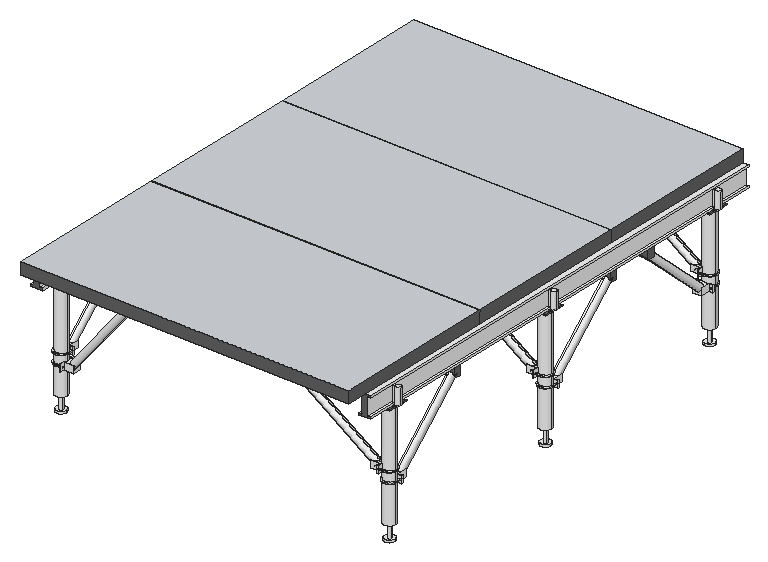
Revit family "Theatre-Equipment_Wenger-Strata--", category Specialty Equipment, Revit 2018
Family settings
  Round Connector Dimension = Use Radius
  Part Type = Normal
  OmniClass Number = 23.21.25.11.17.11
  Work Plane-Based = No
  Always vertical = Yes
  Cut with Voids When Loaded = No
  Shared = No
  Room Calculation Point = No
Parameters (values of type "Standard")
  【︎Cross Beam】 Right Back Curved Offset [instance] = 【︎Deck】 Back Arc Height - (【︎Stage】 Back Radius - sqrt(【︎Stage】 Back Radius ^ 2 - (Overall Width * (abs(Unit Number - (Total Units / 2)) - if(Left Instance Array, 1, 0))) ^ 2))  # 3' - 10.1867"
  【︎Cross Beam】 Right Back Concave Offset [instance] = 【︎Stage】 Back Radius - sqrt(【︎Stage】 Back Radius ^ 2 - (Overall Width * (abs(Unit Number - (Total Units / 2)) - if(Left Instance Array, 1, 0))) ^ 2)  # 1' - 8.14085"
  【︎Cross Beam】 Left Back Curved Offset [instance] = 【︎Deck】 Back Arc Height - (【︎Stage】 Back Radius - sqrt(【︎Stage】 Back Radius ^ 2 - (Overall Width * (abs(Unit Number - (Total Units / 2)) - if(Right Instance Array, 1, 0))) ^ 2))  # 2' - 2.57896"
  【︎Stage】 Back Radius [instance] = 120' - 0"
  【︎Cross Beam】 Right Back Offset [instance] = if(【︎Deck】 ⓿ No Back Curve, 0' 0", if(【︎Deck】 ❶ Concave Curved Back, 【︎Cross Beam】 Right Back Curved Offset, 【︎Cross Beam】 Right Back Concave Offset))  # 0' - 0"
  【︎Cross Beam】 Left Back Offset [instance] = if(【︎Deck】 ⓿ No Back Curve, 0' 0", if(【︎Deck】 ❶ Concave Curved Back, 【︎Cross Beam】 Left Back Curved Offset, 【︎Cross Beam】 Left Back Concave Offset))  # 0' - 0"
  【︎Deck】 ❷ Tapered Right [instance] = 【︎Deck】 ▼ Taper Options > 1  # no
  【︎Deck】 ❶ Tapered Left [instance] = 【︎Deck】 ▼ Taper Options = 1  # no
  【︎Deck】 ▼ Taper Options [instance] = 0
  【︎Deck】 ⓿ No Taper [instance] = 【︎Deck】 ▼ Taper Options < 1  # yes
  【︎Deck】 Taperd Center Front Panel [instance] = no
  【︎Deck】 Taperd Center Back Panel [instance] = no
  【︎Deck】 Taperd Back Panel [instance] = no
  【︎Deck】 Panel Taper Offset [instance] = 4' - 0"
  【︎Cross Beam】 Left Back Concave Offset [instance] = 【︎Stage】 Back Radius - sqrt(【︎Stage】 Back Radius ^ 2 - (Overall Width * (abs(Unit Number - (Total Units / 2)) - if(Right Instance Array, 1, 0))) ^ 2)  # 3' - 3.74859"
  【︎Cross Beam】 Back Angle [instance] = if(【︎Deck】 ⓿ No Back Curve, 90.00°, atan((【︎Cross Beam】 Left Back Offset - 【︎Cross Beam】 Right Back Offset) / (Overall Width - (【︎Main Beam】 Joint Offset * 2))) + 90.00°)  # 90.00°
  【︎Brace】 Back Angle [instance] = if(【︎Deck】 ⓿ No Back Curve, 90.00°, atan((【︎Cross Beam】 Left Back Offset - 【︎Cross Beam】 Right Back Offset) / Overall Width) + 90.00°)  # 90.00°
  █︎█︎█︎█︎█︎█︎█︎█︎█︎█︎█︎█︎█︎█︎█︎█︎█︎█︎█︎█︎█︎█︎█︎█︎█︎█︎█︎█︎█︎█︎█︎█︎█︎█︎█︎█︎█︎█︎█︎█︎█︎█︎█︎█︎█︎█︎█︎█︎█︎█︎█︎█︎█︎█︎█︎█︎█︎█︎█︎█︎█︎ [instance] = "█︎█︎█︎█︎█︎█︎█︎█︎█︎█︎█︎█︎█︎█︎█︎█︎█︎█︎█︎█︎█︎█︎█︎█︎█︎█︎█︎█︎█︎█︎█︎█︎█︎█︎█︎█︎█︎█︎█︎█︎█︎█︎█︎█︎█︎█︎█︎█︎█︎█︎█︎█︎█︎█︎█︎█︎█︎█︎█︎█︎█︎█︎█︎█︎"  # constant formula
  【︎Main Beam】 Small Beam Size [instance] = if(【︎Main Beam】 Left Length < 【︎Main Beam】 Right Length, 【︎Main Beam】 Left Length, 【︎Main Beam】 Right Length)  # 11' - 6"
  【︎Main Beam】 Large Beam Size [instance] = if(【︎Main Beam】 Left Length > 【︎Main Beam】 Right Length, 【︎Main Beam】 Left Length, 【︎Main Beam】 Right Length)  # 11' - 6"
  【︎Deck】 ❷ Curved Back [instance] = 【︎Deck】 ▼ Back Curve Options > 1  # no
  【︎Deck】 ⓿ No Back Curve [instance] = 【︎Deck】 ▼ Back Curve Options < 1  # yes
  【︎Deck】 ▼ Front Curve Options [instance] = 0
  【︎Deck】 ⓿ No Front Curve [instance] = 【︎Deck】 ▼ Front Curve Options < 1  # yes
  【︎Deck】 Four Panel [instance] = 【︎Main Beam】 Large Beam Size > if(【︎Deck】 Back Panel Depth > 4' 0", 4' 0", 【︎Deck】 Back Panel Depth) + if(【︎Deck】 Center Top Panel Depth > 4' 0", 4' 0", 【︎Deck】 Center Top Panel Depth) + if(【︎Deck】 Center Bottom Panel Depth > 4' 0", 4' 0", 【︎Deck】 Center Bottom Panel Depth)  # no
  【︎Deck】 Center Bottom Panel Depth [instance] = 4' - 0"
  【︎Deck】 ▼ Back Curve Options [instance] = 0
  【︎Deck】 Front Arc Height [instance] = 【︎Stage】 Front Radius - sqrt(【︎Stage】 Front Radius ^ 2 - (【︎Stage】 Width / 2) ^ 2)  # 9' - 2.45836"
  █︎█︎█︎█︎█︎█︎█︎█︎█︎█︎█︎█︎█︎█︎█︎█︎█︎█︎█︎█︎█︎█︎█︎█︎█︎█︎█︎█︎█︎█︎█︎█︎█︎█︎█︎█︎█︎█︎█︎█︎█︎█︎█︎█︎█︎█︎█︎█︎█︎█︎█︎█︎█︎█︎█︎█︎█︎█︎█︎█︎█︎█︎ [instance] = "█︎█︎█︎█︎█︎█︎█︎█︎█︎█︎█︎█︎█︎█︎█︎█︎█︎█︎█︎█︎█︎█︎█︎█︎█︎█︎█︎█︎█︎█︎█︎█︎█︎█︎█︎█︎█︎█︎█︎█︎█︎█︎█︎█︎█︎█︎█︎█︎█︎█︎█︎█︎█︎█︎█︎█︎█︎█︎█︎█︎█︎█︎█︎█︎"  # constant formula
  【︎Cross Brace】 Front Intermediate Offset [instance] = (【︎Stage】 Depth / 3) + 【︎Cross Brace】 Back Intermediate Offset  # 10' - 0"
  【︎Cross Beam】 Right Front Curved Offset [instance] = 【︎Stage】 Front Radius - sqrt(【︎Stage】 Front Radius ^ 2 - (Overall Width * (abs(Unit Number - (Total Units / 2)) - if(Left Instance Array, 1, 0))) ^ 2)  # 2' - 8.59006"
  【︎Cross Beam】 Right Front Concave Offset [instance] = 【︎Deck】 Front Arc Height - (【︎Stage】 Front Radius - sqrt(【︎Stage】 Front Radius ^ 2 - (Overall Width * (abs(Unit Number - (Total Units / 2)) - if(Left Instance Array, 1, 0))) ^ 2))  # 6' - 5.8683"
  【︎Cross Beam】 Left Front Curved Offset [instance] = 【︎Stage】 Front Radius - sqrt(【︎Stage】 Front Radius ^ 2 - (Overall Width * (abs(Unit Number - (Total Units / 2)) - if(Right Instance Array, 1, 0))) ^ 2)  # 5' - 5.07246"
  【︎Cross Beam】 Left Front Concave Offset [instance] = 【︎Deck】 Front Arc Height - (【︎Stage】 Front Radius - sqrt(【︎Stage】 Front Radius ^ 2 - (Overall Width * (abs(Unit Number - (Total Units / 2)) - if(Right Instance Array, 1, 0))) ^ 2))  # 3' - 9.3859"
  【︎Column】 Center Right Height [instance] = 3' - 0"
  【︎Column】 Back Right Height [instance] = 3' - 0"
  【︎Column】 Back Left Height [instance] = 3' - 0"
  █︎█︎█︎█︎█︎█︎█︎█︎█︎█︎█︎█︎█︎█︎█︎█︎█︎█︎█︎█︎█︎█︎█︎█︎█︎█︎█︎█︎█︎█︎█︎█︎█︎█︎█︎█︎█︎█︎█︎█︎█︎█︎█︎█︎█︎█︎█︎█︎█︎█︎█︎█︎█︎█︎█︎█︎█︎█︎█︎█︎█︎█︎█︎ [instance] = "█︎█︎█︎█︎█︎█︎█︎█︎█︎█︎█︎█︎█︎█︎█︎█︎█︎█︎█︎█︎█︎█︎█︎█︎█︎█︎█︎█︎█︎█︎█︎█︎█︎█︎█︎█︎█︎█︎█︎█︎█︎█︎█︎█︎█︎█︎█︎█︎█︎█︎█︎█︎█︎█︎█︎█︎█︎█︎█︎█︎█︎█︎█︎█︎"  # constant formula
  【︎Brace】 Right Length Offset by Inch [instance] = 0
  【︎Brace】 Right Length [instance] = 【︎Brace】 Length + (0' 1" * 【︎Brace】 Right Length Offset by Inch)  # 2' - 2 3/4"
  【︎Brace】 Length = 2' - 2 3/4"
  【︎Brace】 Left Length Offset by Inch [instance] = 0
  【︎Brace】 Left Length [instance] = 【︎Brace】 Length + (0' 1" * 【︎Brace】 Left Length Offset by Inch)  # 2' - 2 3/4"
  【︎Annotation】 Center Bottom Offset [instance] = (if(【︎Deck】 Back Panel Depth > 4' 0", 4' 0", 【︎Deck】 Back Panel Depth) + if(【︎Deck】 Center Top Panel Depth > 4' 0", 4' 0", 【︎Deck】 Center Top Panel Depth) + if(【︎Deck】 Center Bottom Panel Depth > 4' 0", 4' 0", 【︎Deck】 Center Bottom Panel Depth) / 2) + if(【︎Cross Beam】 Left Back Offset < 【︎Cross Beam】 Right Back Offset, 【︎Cross Beam】 Left Back Offset, 【︎Cross Beam】 Right Back Offset)  # 10' - 0"
  █︎█︎█︎█︎█︎█︎█︎█︎█︎█︎█︎█︎█︎█︎█︎█︎█︎█︎█︎█︎█︎█︎█︎█︎█︎█︎█︎█︎█︎█︎█︎█︎█︎█︎█︎█︎█︎█︎█︎█︎█︎█︎█︎█︎█︎█︎█︎█︎█︎█︎█︎█︎█︎█︎█︎█︎█︎█︎█︎█︎█︎█︎█︎█︎ [instance] = "█︎█︎█︎█︎█︎█︎█︎█︎█︎█︎█︎█︎█︎█︎█︎█︎█︎█︎█︎█︎█︎█︎█︎█︎█︎█︎█︎█︎█︎█︎█︎█︎█︎█︎█︎█︎█︎█︎█︎█︎█︎█︎█︎█︎█︎█︎█︎█︎█︎█︎█︎█︎█︎█︎█︎█︎█︎█︎█︎█︎█︎█︎█︎█︎"  # constant formula
  Version = 1
  URL = "https://www.wengercorp.com"
  【︎Annotation】 Top Offset [instance] = (if(【︎Deck】 Back Panel Depth > 4' 0", 4' 0", 【︎Deck】 Back Panel Depth) / 2) + if(【︎Cross Beam】 Left Back Offset < 【︎Cross Beam】 Right Back Offset, 【︎Cross Beam】 Left Back Offset, 【︎Cross Beam】 Right Back Offset)  # 2' - 0"
  【︎Stage】 Width [instance] = 72' - 0"
  【︎Stage】 Depth [instance] = 12' - 0"
  【︎Main Beam】 Right Length [instance] = (【︎Stage】 Depth - 【︎Cross Beam】 Right Front Offset) - 【︎Cross Beam】 Right Back Offset  # 11' - 6"
  ❶ Standard Bay [instance] = ▼ Bay Type Selector < 2  # yes
  ❷ Right End Bay [instance] = ▼ Bay Type Selector = 2  # no
  Model = "182A000"
  【︎Deck】 Maximum Depth [instance] = if(or(【︎Deck】 ❶ Curved Front, 【︎Deck】 ❶ Concave Curved Back), 3' 11", 4' 0")  # 4' - 0"
  Manufacturer = "Wenger"  # constant formula
  【︎Main Beam】 Left Length [instance] = (【︎Stage】 Depth - 【︎Cross Beam】 Left Front Offset) - 【︎Cross Beam】 Left Back Offset  # 11' - 6"
  【︎Cross Brace】 Back Intermediate Offset [instance] = 【︎Stage】 Depth / if(Intermediate Front Beam Visibility, 3, 2)  # 6' - 0"
  ❸ Left End Bay [instance] = ▼ Bay Type Selector > 2  # no
  Main Beam Right Visibility [instance] = or(Right Instance Array, Center Instance Array, 【︎Deck】 Center Toggle)  # yes
  Main Beam Left Visibility [instance] = or(Left Instance Array, Center Instance Array, 【︎Deck】 Center Toggle)  # yes
  Intermediate Front Beam Visibility [instance] = and(【︎Stage】 Depth - 【︎Cross Beam】 Left Back Offset - 【︎Cross Beam】 Left Front Offset - 【︎Main Beam】 Back Offset - 【︎Main Beam】 Front Offset > 16' 0", 【︎Stage】 Depth - 【︎Cross Beam】 Right Back Offset - 【︎Cross Beam】 Right Front Offset - 【︎Main Beam】 Back Offset - 【︎Main Beam】 Front Offset > 16' 0")  # no
  Intermediate Back Beam Visibility [instance] = and(【︎Stage】 Depth - 【︎Cross Beam】 Left Back Offset - 【︎Cross Beam】 Left Front Offset - 【︎Main Beam】 Back Offset - 【︎Main Beam】 Front Offset > 8' 0", 【︎Stage】 Depth - 【︎Cross Beam】 Right Back Offset - 【︎Cross Beam】 Right Front Offset - 【︎Main Beam】 Back Offset - 【︎Main Beam】 Front Offset > 8' 0")  # yes
  【︎Column】 Front Right Height [instance] = 3' - 0"
  【︎Column】 Front Left Height [instance] = 3' - 0"
  Description = "Orchestra Pit Filler"
  【︎Deck】 ❶ Curved Front [instance] = 【︎Deck】 ▼ Front Curve Options = 1  # no
  【︎Deck】 ❶ Concave Curved Back [instance] = 【︎Deck】 ▼ Back Curve Options = 1  # no
  【︎Cross Beam】 Front Length [instance] = sqrt(abs(【︎Cross Beam】 Left Front Offset - 【︎Cross Beam】 Right Front Offset) ^ 2 + (Overall Width - (【︎Main Beam】 Joint Offset * 2)) ^ 2)  # 7' - 7"
  【︎Cross Beam】 Center Length [instance] = Overall Width - (【︎Main Beam】 Joint Offset * 2)  # 7' - 7"
  【︎Cross Beam】 Back Length [instance] = sqrt(abs(【︎Cross Beam】 Left Back Offset - 【︎Cross Beam】 Right Back Offset) ^ 2 + (Overall Width - (【︎Main Beam】 Joint Offset * 2)) ^ 2)  # 7' - 7"
  【︎Cross Beam】 Front Angle [instance] = if(【︎Deck】 ⓿ No Front Curve, 90.00°, atan((【︎Cross Beam】 Left Front Offset - 【︎Cross Beam】 Right Front Offset) / (Overall Width - (【︎Main Beam】 Joint Offset * 2))) + 90.00°)  # 90.00°
  【︎Deck】 ❷ Concave Curved Front [instance] = 【︎Deck】 ▼ Front Curve Options > 1  # no
  【︎Deck】 Center Top Panel Depth [instance] = 4' - 0"
  【︎Column】Center Left Height [instance] = 3' - 0"
  【︎Deck】 Center Toggle [instance] = yes
  【︎Annotation】 Center Top Offset [instance] = ((if(【︎Deck】 Back Panel Depth > 4' 0", 4' 0", 【︎Deck】 Back Panel Depth) + if(【︎Deck】 Center Top Panel Depth > 4' 0", 4' 0", 【︎Deck】 Center Top Panel Depth) / 2)) + if(【︎Cross Beam】 Left Back Offset < 【︎Cross Beam】 Right Back Offset, 【︎Cross Beam】 Left Back Offset, 【︎Cross Beam】 Right Back Offset)  # 6' - 0"
  【︎Brace】 Front Angle [instance] = if(【︎Deck】 ⓿ No Front Curve, 90.00°, atan((【︎Cross Beam】 Left Front Offset - 【︎Cross Beam】 Right Front Offset) / Overall Width) + 90.00°)  # 90.00°
  Deck Material = none
  【︎Stage】 Front Radius [instance] = 75' - 0"
  Unit Number [instance] = 1
  【︎Deck】Two Panel [instance] = not(or(【︎Deck】 Four Panel, 【︎Deck】 Three Panel))  # no
  Total Units [instance] = 【︎Stage】 Width / Overall Width  # 9
  【︎Brace】Top Offset = 1' - 5 1/4"
  【︎Deck】 Three Panel [instance] = 【︎Main Beam】 Large Beam Size > if(【︎Deck】 Back Panel Depth > 4' 0", 4' 0", 【︎Deck】 Back Panel Depth) + if(【︎Deck】 Center Top Panel Depth > 4' 0", 4' 0", 【︎Deck】 Center Top Panel Depth)  # yes
  Standards = "System meets building code standards of L/360; Standard system meets a vertical live load of 150 psf"
  Series = "STRATA®"
  Right Instance Array [instance] = Unit Number > (Total Units / 2)  # no
  【︎Cross Beam】 Right Front Offset [instance] = if(【︎Deck】 ⓿ No Front Curve, 0' 0", if(【︎Deck】 ❶ Curved Front, 【︎Cross Beam】 Right Front Curved Offset, 【︎Cross Beam】 Right Front Concave Offset)) + 【︎Deck】 Overhang Offset  # 0' - 6"
  Right Columns Visibility [instance] = or(Right Instance Array, Center Instance Array, 【︎Deck】 Center Toggle)  # yes
  Product Page URL = "https://www.wengercorp.com/risers/strata-orchestra-pit-filler.php"
  Overall Width [instance] = 8' - 0"
  Overall Height [instance] = 【︎Deck】 Thickness + 【︎Main Beam】 Height + if(【︎Column】 Back Left Height > 【︎Column】 Back Right Height, 【︎Column】 Back Left Height, if(【︎Column】 Back Right Height > 【︎Column】 Center Right Height, 【︎Column】 Back Right Height, if(【︎Column】 Center Right Height > 【︎Column】 Front Left Height, 【︎Column】 Center Right Height, if(【︎Column】 Front Left Height > 【︎Column】 Front Right Height, 【︎Column】 Front Left Height, if(【︎Column】 Front Right Height > 【︎Column】Center Left Height, 【︎Column】 Front Right Height, 【︎Column】Center Left Height)))))  # 3' - 9 9/16"
  Overall Depth [instance] = 【︎Stage】 Depth  # 12' - 0"
  Left Instance Array [instance] = Unit Number < (Total Units / 2)  # yes
  Framing Component Material = Metal - Wenger - Aluminum
  【︎Cross Beam】 Left Front Offset [instance] = if(【︎Deck】 ⓿ No Front Curve, 0' 0", if(【︎Deck】 ❶ Curved Front, 【︎Cross Beam】 Left Front Curved Offset, 【︎Cross Beam】 Left Front Concave Offset)) + 【︎Deck】 Overhang Offset  # 0' - 6"
  Left Columns Visibility [instance] = or(Left Instance Array, Center Instance Array, 【︎Deck】 Center Toggle)  # yes
  Front Panel Annotation [instance] = "1-4"
  ENGworks URL = "http://www.ENGworks.com/"
  【︎Deck】 Thickness = 0' - 3 9/16"
  【︎Deck】 Overhang Offset = 0' - 6"
  【︎Deck】 Back Arc Height [instance] = 【︎Stage】 Back Radius - sqrt(【︎Stage】 Back Radius ^ 2 - (【︎Stage】 Width / 2) ^ 2)  # 5' - 6.32755"
  Center Instance Array [instance] = not(or(Left Instance Array, Right Instance Array))  # no
  【︎Deck】 Curved Offset [instance] = if(Center Instance Array, 0' 1 1/2", abs(-【︎Cross Beam】 Left Front Offset + 【︎Cross Beam】 Right Front Offset))  # 0' - 0"
  Center Top Panel Annotation [instance] = "1-2"
  【︎Brace】 Center Offset = 1' - 8 1/4"
  【︎Brace】 Bottom Offset = 1' - 11 1/4"
  【︎Annotation】 Bottom Offset [instance] = ((((【︎Main Beam】 Large Beam Size + 【︎Main Beam】 Back Offset + 【︎Main Beam】 Front Offset) - (if(【︎Deck】 Back Panel Depth > 4' 0", 4' 0", 【︎Deck】 Back Panel Depth) + if(【︎Deck】 Center Top Panel Depth > 4' 0", 4' 0", 【︎Deck】 Center Top Panel Depth) + if(【︎Deck】 Center Bottom Panel Depth > 4' 0", 4' 0", 【︎Deck】 Center Bottom Panel Depth))) / 2) + (【︎Main Beam】 Large Beam Size + 【︎Main Beam】 Back Offset + 【︎Main Beam】 Front Offset)) + if(【︎Cross Beam】 Left Back Offset < 【︎Cross Beam】 Right Back Offset, 【︎Cross Beam】 Left Back Offset, 【︎Cross Beam】 Right Back Offset)  # 13' - 10 1/2"
  【︎Main Beam】 Joint Offset = 0' - 2 1/2"
  【︎Main Beam】 Height = 0' - 6"
  【︎Main Beam】 Front Offset = 0' - 9"
  【︎Main Beam】 Back Offset = 1' - 0"
  【︎Deck】 Back Panel Depth [instance] = 4' - 0"
  Center Bottom Panel [instance] = "1-3"
  ▼ Bay Type Selector [instance] = 1
  Back Panel Annotation [instance] = "1-1"
  Assembly Code = "E1020300"
  Annotation Visibility [instance] = no
  Annotation C Visibility [instance] = and(Annotation Visibility, 【︎Deck】Two Panel)  # no
  Annotation B Visibility [instance] = and(Annotation Visibility, 【︎Deck】 Three Panel)  # no
  Annotation A Visibility [instance] = and(Annotation Visibility, 【︎Deck】 Four Panel)  # no
Reference planes (in)
  plane 1 "Center (Front/Back)": y = 0
  plane 2: z = 0
  plane 3 "Center (Left/Right)": x = 0
  plane 4: z = -3.5625
  plane 5: z = -9.5625
  plane 6: x = -48
  plane 7: x = 48
  plane 8: y = -129
  plane 9: y = -138
  plane 10: y = -129
  plane 11: y = -138
  plane 12: x = -45.5
  plane 13: x = -50.5
  plane 14: x = 45.5
  plane 15: x = 50.5
  plane 16: z = -6.5625
  plane 17: y = -72
  plane 18: y = -144
  plane 19: y = -24
  plane 20: y = -72
  plane 21: y = -120
  plane 22: y = -72
  plane 23: y = -155.53932
  plane 24: y = -120
  plane 25: y = -166.5
  plane 26: y = -60
  plane 27: y = 0
  plane 28: y = 0
  plane 29: y = -12
  plane 30: y = -12
Lines and regions (in)
  reference lines
    curve 1: line (-45.5, -129, -3.5625) -> (45.5, -129, -3.5625)
    curve 2: line (-48, -129, 0) -> (48, -129, 0)
    curve 3: line (-48, -129, 0) -> (-48, -131, 0)
    curve 4: line (48, -129, 0) -> (48, -131, 0)
    curve 5: line (-45.5, -129, 0) -> (-45.5, -127, 0)
    curve 6: line (45.5, -129, 0) -> (45.5, -127, 0)
    curve 7: line (-45.5, -12, 0) -> (-45.5, -6, 0)
    curve 8: line (-45.5, -12, 0) -> (-33.5, -12, 0)
    curve 9: line (45.5, -12, 0) -> (45.5, -6, 0)
    curve 10: line (45.5, -12, 0) -> (33.5, -12, 0)
    curve 11: line (-48, -12, 0) -> (-36, -12, 0)
    curve 12: line (-48, -12, 0) -> (-48, -6, 0)
    curve 13: line (48, -12, 0) -> (36, -12, 0)
    curve 14: line (48, -12, 0) -> (48, -6, 0)
Dimensions and locks (in)
  "【︎Deck】 Thickness": plane 2 to plane 4
  "【︎Main Beam】 Height": plane 4 to plane 5
  equal spacing: plane 6, plane 3 "Center (Left/Right)", plane 7
  "Overall Width": plane 6 to plane 7
  "【︎Main Beam】 Front Offset": plane 11 to plane 10
  "【︎Main Beam】 Front Offset": plane 9 to plane 8
  "【︎Main Beam】 Joint Offset": plane 13 to plane 6 to plane 12
  "【︎Main Beam】 Joint Offset": plane 14 to plane 7 to plane 15
  equal spacing: plane 5, plane 16, plane 4
  "【︎Stage】 Depth": plane 18 to plane 1 "Center (Front/Back)"
  "【︎Cross Beam】 Right Front Offset": plane 11 to plane 18
  "【︎Cross Beam】 Left Front Offset": plane 9 to plane 18
  equal spacing: plane 18, plane 17, plane 1 "Center (Front/Back)"
  "【︎Annotation】 Top Offset": plane 19 to plane 1 "Center (Front/Back)"
  "【︎Annotation】 Center Top Offset": plane 20 to plane 1 "Center (Front/Back)"
  "【︎Annotation】 Center Bottom Offset": plane 21 to plane 1 "Center (Front/Back)"
  "【︎Cross Brace】 Back Intermediate Offset": plane 1 "Center (Front/Back)" to plane 22
  "【︎Cross Brace】 Front Intermediate Offset": plane 24 to plane 1 "Center (Front/Back)"
  "【︎Annotation】 Bottom Offset": plane 25 to plane 1 "Center (Front/Back)"
  "【︎Cross Beam】 Right Back Offset": plane 27 to plane 1 "Center (Front/Back)"
  "【︎Cross Beam】 Left Back Offset": plane 28 to plane 1 "Center (Front/Back)"
  "【︎Main Beam】 Back Offset": plane 29 to plane 28
  "【︎Main Beam】 Back Offset": plane 27 to plane 30
  locked: curve 3 to curve 2 (angle 90.00°)
  locked: curve 2 to curve 4 (angle 90.00°)
  locked: curve 1 to curve 5 (angle 90.00°)
  locked: curve 6 to curve 1 (angle 90.00°)
  "【︎Cross Beam】 Front Angle": angle nested 14 to plane 17  (x2)
  "【︎Brace】 Front Angle": angle nested 9 to plane 6
  "【︎Brace】 Front Angle": angle nested 11 to plane 7
  locked: curve 8 to curve 7 (angle 90.00°)
  locked: curve 9 to curve 10 (angle 90.00°)
  "【︎Cross Beam】 Back Angle": angle plane 7 to curve 10
  "【︎Cross Beam】 Back Angle": angle plane 6 to curve 8
  "【︎Cross Beam】 Back Angle": angle plane 12 to nested 13
  "【︎Cross Beam】 Back Angle": angle plane 29 to nested 13
  locked: curve 11 to curve 12 (angle 90.00°)
  "【︎Brace】 Back Angle": angle plane 6 to curve 11
  locked: curve 14 to curve 13 (angle 90.00°)
  "【︎Brace】 Back Angle": angle plane 7 to curve 13
  "【︎Brace】 Back Angle": angle plane 6 to nested 5
  "【︎Brace】 Back Angle": angle plane 29 to nested 5
  "【︎Brace】 Back Angle": angle plane 7 to nested 7
  "【︎Brace】 Back Angle": angle plane 30 to nested 7
  aligned and locked: level to plane 2
  aligned and locked: plane 6 to nested 3
  aligned and locked: plane 7 to nested 4
  aligned and locked: nested 2 to plane 10
  aligned and locked: plane 7 to nested 2
  aligned and locked: plane 6 to nested 1
  aligned and locked: plane 8 to nested 1
  aligned and locked: plane 10 to curve 1
  aligned and locked: plane 14 to curve 1
  aligned and locked: plane 8 to curve 1
  aligned and locked: plane 12 to curve 1
  aligned and locked: nested 5 to plane 5
  aligned and locked: nested 6 to plane 5
  aligned and locked: nested 8 to plane 7
  aligned and locked: nested 7 to plane 5
  aligned and locked: nested 8 to plane 5
  aligned and locked: plane 5 to nested 10
  aligned and locked: plane 5 to nested 9
  aligned and locked: plane 6 to nested 10
  aligned and locked: plane 7 to nested 12
  aligned and locked: nested 12 to plane 10
  aligned and locked: plane 8 to nested 10
  aligned and locked: plane 5 to nested 12
  aligned and locked: plane 5 to nested 11
  aligned and locked: plane 6 to curve 2
  aligned and locked: plane 8 to curve 2
  aligned and locked: plane 7 to curve 2
  aligned and locked: plane 10 to curve 2
  aligned and locked: nested 9 to curve 2
  aligned and locked: nested 9 to curve 3
  aligned and locked: nested 11 to curve 2
  aligned and locked: nested 11 to curve 4
  aligned and locked: curve 1 to nested 14
  aligned and locked: nested 14 to curve 5
  aligned and locked: plane 4 to nested 14
  aligned and locked: plane 4 to nested 13
  aligned and locked: plane 6 to nested 15
  aligned and locked: plane 7 to nested 16
  aligned and locked: plane 4 to nested 15
  aligned and locked: plane 4 to nested 16
  aligned and locked: nested 6 to plane 6
  aligned and locked: nested 19 to plane 21
  aligned and locked: plane 3 "Center (Left/Right)" to nested 19
  aligned and locked: plane 3 "Center (Left/Right)" to nested 18
  aligned and locked: nested 18 to plane 20
  aligned and locked: plane 3 "Center (Left/Right)" to nested 17
  aligned and locked: nested 17 to plane 19
  aligned and locked: plane 22 to nested 20
  aligned and locked: plane 6 to nested 20
  aligned and locked: plane 7 to nested 21
  aligned and locked: plane 4 to nested 22
  aligned and locked: plane 5 to nested 25
  aligned and locked: plane 22 to nested 25
  aligned and locked: plane 6 to nested 25
  aligned and locked: plane 7 to nested 26
  aligned and locked: plane 5 to nested 26
  aligned and locked: plane 22 to nested 22
  aligned and locked: nested 24 to plane 6
  aligned and locked: plane 22 to nested 24
  aligned and locked: plane 7 to nested 23
  aligned and locked: nested 23 to plane 22
  aligned and locked: plane 22 to nested 21
  aligned and locked: plane 22 to nested 26
  aligned and locked: plane 12 to nested 22
  aligned and locked: plane 14 to nested 22
  aligned and locked: plane 5 to nested 24
  aligned and locked: plane 5 to nested 23
  aligned and locked: nested 3 to plane 5
  aligned and locked: nested 4 to plane 5
  aligned and locked: nested 20 to plane 5
  aligned and locked: nested 21 to plane 5
  aligned and locked: nested 1 to plane 5
  aligned and locked: nested 2 to plane 5
  aligned and locked: plane 24 to nested 31
  aligned and locked: plane 3 "Center (Left/Right)" to nested 31
  aligned and locked: plane 24 to nested 27
  aligned and locked: plane 6 to nested 29
  aligned and locked: nested 28 to plane 24
  aligned and locked: plane 7 to nested 30
  aligned and locked: plane 4 to nested 31
  aligned and locked: nested 27 to plane 5
  aligned and locked: nested 28 to plane 5
  aligned and locked: nested 29 to plane 5
  aligned and locked: nested 30 to plane 5
  aligned and locked: nested 29 to plane 24
  aligned and locked: nested 30 to plane 24
  aligned and locked: plane 24 to nested 32
  aligned and locked: nested 32 to plane 5
  aligned and locked: plane 6 to nested 32
  aligned and locked: plane 24 to nested 33
  aligned and locked: nested 33 to plane 5
  aligned and locked: plane 7 to nested 33
  aligned and locked: nested 34 to plane 25
  aligned and locked: nested 34 to plane 3 "Center (Left/Right)"
  aligned and locked: plane 2 to nested 35
  aligned and locked: plane 3 "Center (Left/Right)" to nested 35
  aligned and locked: plane 1 "Center (Front/Back)" to nested 35
  aligned and locked: nested 15 to plane 28
  aligned and locked: plane 27 to nested 16
  aligned and locked: nested 3 to plane 29
  aligned and locked: nested 4 to plane 30
  aligned and locked: plane 12 to curve 8
  aligned and locked: plane 29 to curve 8
  aligned and locked: plane 30 to curve 9
  aligned and locked: plane 14 to curve 9
  aligned and locked: curve 8 to nested 13
  aligned and locked: nested 13 to curve 7
  aligned and locked: nested 13 to curve 9
  aligned and locked: nested 13 to curve 10
  aligned and locked: plane 29 to curve 12
  aligned and locked: plane 6 to curve 12
  aligned and locked: plane 30 to curve 14
  aligned and locked: plane 7 to curve 14
  aligned and locked: nested 5 to curve 11
  aligned and locked: nested 5 to curve 12
  aligned and locked: nested 7 to curve 13
  aligned and locked: nested 7 to curve 14
  aligned and locked: nested 6 to plane 29
  aligned and locked: nested 8 to plane 30
Automatic sketch dimensions
  plane 8 to curve 1 = 0' - 0"
  curve 5 to plane 12 = 0' - 0"
  curve 6 to plane 14 = 0' - 0"
Nested families (in)
  nested 1: "Wenger-Strata-Pit_Filler-Column" at (-48, -129, -9.5625), Column Height <- "【︎Column】 Front Left Height", visible <- "Left Columns Visibility", type "Standard", detail levels fine
    with Column Height 3' - 0"
  nested 2: "Wenger-Strata-Pit_Filler-Column" at (48, -129, -9.5625), Column Height <- "【︎Column】 Front Right Height", visible <- "Right Columns Visibility", type "Standard", detail levels fine
    with Column Height 3' - 0"
  nested 3: "Wenger-Strata-Pit_Filler-Column" at (-48, -12, -9.5625), Column Height <- "【︎Column】 Back Left Height", visible <- "Left Columns Visibility", type "Standard", detail levels fine
    with Column Height 3' - 0"
  nested 4: "Wenger-Strata-Pit_Filler-Column" at (48, -12, -9.5625), Column Height <- "【︎Column】 Back Right Height", visible <- "Right Columns Visibility", type "Standard", detail levels fine
    with Column Height 3' - 0"
  nested 5: "Wenger-Strata-Pit_Filler-Brace" at (-48, -12, -9.5625), Brace Vertical Offset <- "【︎Brace】 Bottom Offset", Brace Joint to Joint Length <- "【︎Brace】 Length", type "Standard", detail levels fine
    with Brace Vertical Offset 1' - 11 1/4", Brace Joint to Joint Length 2' - 2 3/4", Brace Horizontal Offset 1' - 7.88289"
  nested 6: "Wenger-Strata-Pit_Filler-Brace" at (-48, -12, -9.5625) x (0, -1, 0) z (0, 0, 1), Brace Vertical Offset <- "【︎Brace】 Center Offset", visible <- "Left Columns Visibility", Brace Joint to Joint Length <- "【︎Brace】 Left Length", type "Standard", detail levels fine
    with Brace Vertical Offset 1' - 8 1/4", Brace Joint to Joint Length 2' - 2 3/4", Brace Horizontal Offset 1' - 11.08976"
  nested 7: "Wenger-Strata-Pit_Filler-Brace" at (48, -12, -9.5625) x (-1, 0, 0) z (0, 0, 1), Brace Vertical Offset <- "【︎Brace】Top Offset", Brace Joint to Joint Length <- "【︎Brace】 Length", type "Standard", detail levels fine
    with Brace Vertical Offset 1' - 5 1/4", Brace Joint to Joint Length 2' - 2 3/4", Brace Horizontal Offset 2' - 1.44321"
  nested 8: "Wenger-Strata-Pit_Filler-Brace" at (48, -12, -9.5625) x (0, -1, 0) z (0, 0, 1), Brace Vertical Offset <- "【︎Brace】 Center Offset", visible <- "Right Columns Visibility", Brace Joint to Joint Length <- "【︎Brace】 Right Length", type "Standard", detail levels fine
    with Brace Vertical Offset 1' - 8 1/4", Brace Joint to Joint Length 2' - 2 3/4", Brace Horizontal Offset 1' - 11.08976"
  nested 9: "Wenger-Strata-Pit_Filler-Brace" at (-48, -129, -9.5625), Brace Vertical Offset <- "【︎Brace】 Bottom Offset", Brace Joint to Joint Length <- "【︎Brace】 Length", type "Standard", detail levels fine
    with Brace Vertical Offset 1' - 11 1/4", Brace Joint to Joint Length 2' - 2 3/4", Brace Horizontal Offset 1' - 7.88289"
  nested 10: "Wenger-Strata-Pit_Filler-Brace" at (-48, -129, -9.5625) x (0, 1, 0) z (0, 0, 1), Brace Vertical Offset <- "【︎Brace】 Center Offset", visible <- "Left Columns Visibility", Brace Joint to Joint Length <- "【︎Brace】 Left Length", type "Standard", detail levels fine
    with Brace Vertical Offset 1' - 8 1/4", Brace Joint to Joint Length 2' - 2 3/4", Brace Horizontal Offset 1' - 11.08976"
  nested 11: "Wenger-Strata-Pit_Filler-Brace" at (48, -129, -9.5625) x (-1, 0, 0) z (0, 0, 1), Brace Vertical Offset <- "【︎Brace】Top Offset", Brace Joint to Joint Length <- "【︎Brace】 Length", type "Standard", detail levels fine
    with Brace Vertical Offset 1' - 5 1/4", Brace Joint to Joint Length 2' - 2 3/4", Brace Horizontal Offset 2' - 1.44321"
  nested 12: "Wenger-Strata-Pit_Filler-Brace" at (48, -129, -9.5625) x (0, 1, 0) z (0, 0, 1), Brace Vertical Offset <- "【︎Brace】 Center Offset", visible <- "Right Columns Visibility", Brace Joint to Joint Length <- "【︎Brace】 Right Length", type "Standard", detail levels fine
    with Brace Vertical Offset 1' - 8 1/4", Brace Joint to Joint Length 2' - 2 3/4", Brace Horizontal Offset 1' - 11.08976"
  nested 13: "Wenger-Strata-Pit_Filler-Cross_Beam" at (0, -12, -6.5625), Beam Length <- "【︎Cross Beam】 Back Length", type "Standard", detail levels fine
    with Beam Length 7' - 7"
  nested 14: "Wenger-Strata-Pit_Filler-Cross_Beam" at (0, -129, -6.5625), Beam Length <- "【︎Cross Beam】 Front Length", type "Standard", detail levels fine
    with Beam Length 7' - 7"
  nested 15: "Wenger-Strata-Pit_Filler-Main_Beam" at (-48, -138, -6.5625) x (0, 1, 0) z (0, 0, 1), Beam Length <- "【︎Main Beam】 Left Length", visible <- "Main Beam Left Visibility", type "Standard", detail levels fine
    with Beam Length 11' - 6"
  nested 16: "Wenger-Strata-Pit_Filler-Main_Beam" at (48, -138, -6.5625) x (0, 1, 0) z (0, 0, 1), Beam Length <- "【︎Main Beam】 Right Length", visible <- "Main Beam Right Visibility", type "Standard", detail levels fine
    with Beam Length 11' - 6"
  nested 17: "Head - Circle" at (0, -24, 0), Text <- "Back Panel Annotation", visible <- "Annotation Visibility", type "Standard", detail levels coarse+medium
    with Text "1-1"
  nested 18: "Head - Circle" at (0, -72, 0), Text <- "Center Top Panel Annotation", visible <- "Annotation C Visibility", type "Standard", detail levels coarse+medium
    with Text "1-2"
  nested 19: "Head - Circle" at (0, -120, 0), Text <- "Center Bottom Panel", visible <- "Annotation B Visibility", type "Standard", detail levels coarse+medium
    with Text "1-3"
  nested 20: "Wenger-Strata-Pit_Filler-Column" at (-48, -72, -9.5625), Column Height <- "【︎Column】Center Left Height", visible <- "Intermediate Back Beam Visibility", type "Standard", detail levels fine
    with Column Height 3' - 0"
  nested 21: "Wenger-Strata-Pit_Filler-Column" at (48, -72, -9.5625), visible <- "Intermediate Back Beam Visibility", Column Height <- "【︎Column】 Center Right Height", type "Standard", detail levels fine
    with Column Height 3' - 0"
  nested 22: "Wenger-Strata-Pit_Filler-Cross_Beam" at (0, -72, -6.5625), Beam Length <- "【︎Cross Beam】 Center Length", visible <- "Intermediate Back Beam Visibility", type "Standard", detail levels fine
    with Beam Length 7' - 7"
  nested 23: "Wenger-Strata-Pit_Filler-Brace" at (48, -72, -9.5625) x (-1, 0, 0) z (0, 0, 1), Brace Vertical Offset <- "【︎Brace】Top Offset", visible <- "Intermediate Back Beam Visibility", Brace Joint to Joint Length <- "【︎Brace】 Length", type "Standard", detail levels fine
    with Brace Vertical Offset 1' - 5 1/4", Brace Joint to Joint Length 2' - 2 3/4", Brace Horizontal Offset 2' - 1.44321"
  nested 24: "Wenger-Strata-Pit_Filler-Brace" at (-48, -72, -9.5625), Brace Vertical Offset <- "【︎Brace】 Bottom Offset", visible <- "Intermediate Back Beam Visibility", Brace Joint to Joint Length <- "【︎Brace】 Length", type "Standard", detail levels fine
    with Brace Vertical Offset 1' - 11 1/4", Brace Joint to Joint Length 2' - 2 3/4", Brace Horizontal Offset 1' - 7.88289"
  nested 25: "Wenger-Strata-Pit_Filler-Brace" at (-48, -72, -9.5625) x (0, 1, 0) z (0, 0, 1), Brace Vertical Offset <- "【︎Brace】 Center Offset", visible <- "Intermediate Back Beam Visibility", Brace Joint to Joint Length <- "【︎Brace】 Left Length", type "Standard", detail levels fine
    with Brace Vertical Offset 1' - 8 1/4", Brace Joint to Joint Length 2' - 2 3/4", Brace Horizontal Offset 1' - 11.08976"
  nested 26: "Wenger-Strata-Pit_Filler-Brace" at (48, -72, -9.5625) x (0, 1, 0) z (0, 0, 1), Brace Vertical Offset <- "【︎Brace】 Center Offset", visible <- "Intermediate Back Beam Visibility", Brace Joint to Joint Length <- "【︎Brace】 Right Length", type "Standard", detail levels fine
    with Brace Vertical Offset 1' - 8 1/4", Brace Joint to Joint Length 2' - 2 3/4", Brace Horizontal Offset 1' - 11.08976"
  nested 27: "Wenger-Strata-Pit_Filler-Brace" at (-48, -120, -9.5625), Brace Vertical Offset <- "【︎Brace】 Bottom Offset", visible <- "Intermediate Front Beam Visibility", Brace Joint to Joint Length <- "【︎Brace】 Length", type "Standard"
    with Brace Vertical Offset 1' - 11 1/4", Brace Joint to Joint Length 2' - 2 3/4", Brace Horizontal Offset 1' - 7.88289"
  nested 28: "Wenger-Strata-Pit_Filler-Brace" at (48, -120, -9.5625) x (-1, 0, 0) z (0, 0, 1), Brace Vertical Offset <- "【︎Brace】Top Offset", visible <- "Intermediate Front Beam Visibility", Brace Joint to Joint Length <- "【︎Brace】 Length", type "Standard"
    with Brace Vertical Offset 1' - 5 1/4", Brace Joint to Joint Length 2' - 2 3/4", Brace Horizontal Offset 2' - 1.44321"
  nested 29: "Wenger-Strata-Pit_Filler-Brace" at (-48, -120, -9.5625) x (0, 1, 0) z (0, 0, 1), Brace Vertical Offset <- "【︎Brace】 Center Offset", visible <- "Intermediate Front Beam Visibility", Brace Joint to Joint Length <- "【︎Brace】 Left Length", type "Standard"
    with Brace Vertical Offset 1' - 8 1/4", Brace Joint to Joint Length 2' - 2 3/4", Brace Horizontal Offset 1' - 11.08976"
  nested 30: "Wenger-Strata-Pit_Filler-Brace" at (48, -120, -9.5625) x (0, 1, 0) z (0, 0, 1), Brace Vertical Offset <- "【︎Brace】 Center Offset", visible <- "Intermediate Front Beam Visibility", Brace Joint to Joint Length <- "【︎Brace】 Right Length", type "Standard"
    with Brace Vertical Offset 1' - 8 1/4", Brace Joint to Joint Length 2' - 2 3/4", Brace Horizontal Offset 1' - 11.08976"
  nested 31: "Wenger-Strata-Pit_Filler-Cross_Beam" at (0, -120, -6.5625), visible <- "Intermediate Front Beam Visibility", type "Standard", detail levels fine
    with Beam Length 7' - 7"
  nested 32: "Wenger-Strata-Pit_Filler-Column" at (-48, -120, -9.5625), Column Height <- "【︎Column】Center Left Height", visible <- "Intermediate Front Beam Visibility", type "Standard"
    with Column Height 3' - 0"
  nested 33: "Wenger-Strata-Pit_Filler-Column" at (48, -120, -9.5625), visible <- "Intermediate Front Beam Visibility", Column Height <- "【︎Column】 Center Right Height", type "Standard"
    with Column Height 3' - 0"
  nested 34: "Head - Circle" at (0, -166.5, 0), Text <- "Front Panel Annotation", visible <- "Annotation A Visibility", type "Standard"
    with Text "1-4"
  nested 35: "Wenger-Strata-Pit_Filler-Deck" at (0, -72, 0), type "Standard"
    with Total Columns Used 9, Tapered Center Front Panel no, Tapered Center Back Panel no, Tapered Back Panel no, Stage Radius 120' - 0", Profile Offset 4' - 0", Panel Side Angle Length 4' - 0", Four Panel Deck no, Deck Width 8' - 0", Deck Overall Depth 12' - 0", Deck Right Overhang Offset 4' - 0", Deck Left Overhang Offset 4' - 0", Deck Front Overhang Offset 6' - 0", Deck Center Front Split Offset 0' - 0", Deck Back Overhang Offset 6' - 0", Column Number 1
Definition of nested family "Wenger-Strata-Pit_Filler-Column"
  Parameters (values of type "Standard")
    Version = 1
    Joint Mount Width = 0' - 5 3/4"
    Joint Mount Height = 0' - 0 1/4"
    Joint Mount Depth = 0' - 2 1/2"
    Foot Thickness = 0' - 0 7/16"
    Foot Stem Radius = 0' - 0 1/2"
    Foot Radius = 0' - 1 1/2"
    Foot Height = 0' - 4 1/2"
    ENGworks URL = "http://www.ENGworks.com/"
    Column Radius = 0' - 1 3/4"
    Column Material = none
    Column Height [instance] = 9' - 5 1/2"
    Beam Mount Width = 0' - 5"
    Beam Mount Material = none
    Beam Mount Height = 0' - 0 1/4"
    Beam Mount Depth = 0' - 6"
    Beam Joint Radius = 0' - 0 3/4"
    Beam Joint Offset = 0' - 2 1/2"
    Beam Joint Height = 0' - 4 3/4"
  Reference planes (in)
    plane 1 "Center (Front/Back)": y = 0
    plane 2: z = 0
    plane 3 "Center (Left/Right)": x = 0
    plane 4: z = -113.0625
    plane 5: z = -109
    plane 6: x = -2.5
    plane 7: x = 2.5
    plane 8: y = 3
    plane 9: y = -3
    plane 10: z = -0.25
    plane 11: z = 0.25
    plane 12: y = 1.25
    plane 13: y = -1.25
    plane 14: x = -2.875
    plane 15: x = 2.875
    plane 16: z = 5
    plane 17: y = 0.375
    plane 18: y = -0.375
    plane 19: z = -113.5
  Forms (in)
    Sweep 1, solid, material <- "Column Material"
      path origin (0, 0, 0) x (1, 0, 0) y (0, 0, 1)
        loop
          line (0, -113.5) -> (0, -113.0625)
      profile "Profile-OR : Foot Profile" origin (0, 0, -113.28125) x (-1, 0, 0) y (0, -1, 0)
        loop
          circle (0, 0) r 1.5
    Sweep 2, solid, material <- "Column Material"
      path origin (0, 0, 0) x (1, 0, 0) y (0, 0, 1)
        loop
          line (0, -113.0625) -> (0, -109)
      profile "Profile-OR : Foot Stem Profile" origin (0, 0, -111.03125) x (-1, 0, 0) y (0, -1, 0)
        loop
          circle (0, 0) r 0.5
    Sweep 3, solid, material <- "Column Material"
      path origin (0, 0, 0) x (1, 0, 0) y (0, 0, 1)
        loop
          line (0, -109) -> (0, -0.25)
      profile "Profile-OR : Column Profile" origin (0, 0, -54.625) x (-1, 0, 0) y (0, -1, 0)
        loop
          circle (0, 0) r 1.75
    Sweep 4, solid, material <- "Beam Mount Material"
      path origin (0, 0, 0) x (1, 0, 0) y (0, 0, 1)
        loop
          line (0, -0.25) -> (0, 0)
      profile origin (0, 0, -0.125) x (-1, 0, 0) y (0, -1, 0)
        loop
          line (2.5, -3) -> (2.5, 3) -> (-2.5, 3) -> (-2.5, -3) -> (2.5, -3)
    Sweep 5, solid, material <- "Column Material"
      path origin (0, 0, 0) x (1, 0, 0) y (0, 0, 1)
        loop
          line (0, 0) -> (0, 0.25)
      profile origin (0, 0, 0.125) x (-1, 0, 0) y (0, -1, 0)
        loop
          line (2.875, -1.25) -> (2.875, 1.25) -> (-2.875, 1.25) -> (-2.875, -1.25) -> (2.875, -1.25)
    Sweep 6, solid, material <- "Column Material"
      path origin (0, 0, 0) x (1, 0, 0) y (0, 0, 1)
        loop
          line (2.5, 0.25) -> (2.5, 5)
      profile "Profile-OR : Beam Joint Profile" origin (2.5, 0, 2.625) x (-1, 0, 0) y (0, -1, 0)
        loop
          circle (0, 0) r 0.75
    Sweep 7, solid, material <- "Column Material"
      path origin (0, 0, 0) x (1, 0, 0) y (0, 0, 1)
        loop
          line (-2.5, 0.25) -> (-2.5, 5)
      profile "Profile-OR : Beam Joint Profile" origin (-2.5, 0, 2.625) x (-1, 0, 0) y (0, -1, 0)
        loop
          circle (0, 0) r 0.75
    Sweep 8, solid, material <- "Column Material"
      path origin (0, 0, 0) x (1, 0, 0) y (0, 0, 1)
        loop
          line (0, 0.25) -> (0, 5)
      profile origin (0, 0, 2.625) x (-1, 0, 0) y (0, -1, 0)
        loop
          line (2.5, -0.375) -> (2.5, 0.375) -> (-2.5, 0.375) -> (-2.5, -0.375) -> (2.5, -0.375)
  Cuts and joins
    joined: Sweep 1, Sweep 2
    joined: Sweep 6, Sweep 7, Sweep 8
  Dimensions and locks (in)
    "Foot Thickness": plane 4 to plane 19
    "Foot Height": plane 5 to plane 19
    equal spacing: plane 6, plane 3 "Center (Left/Right)", plane 7
    equal spacing: plane 9, plane 1 "Center (Front/Back)", plane 8
    "Beam Mount Width": plane 6 to plane 7
    "Beam Mount Depth": plane 8 to plane 9
    equal spacing: plane 13, plane 1 "Center (Front/Back)", plane 12
    "Joint Mount Depth": plane 12 to plane 13
    equal spacing: plane 14, plane 3 "Center (Left/Right)", plane 15
    "Joint Mount Width": plane 14 to plane 15
    "Beam Joint Height": plane 16 to plane 11
    equal spacing: plane 18, plane 1 "Center (Front/Back)", plane 17
    "Beam Joint Radius": plane 17 to plane 18
    "Column Height": plane 2 to plane 19
    "Beam Mount Height": plane 2 to plane 10
    "Joint Mount Height": plane 11 to plane 2
    aligned and locked: plane 2 to level
    aligned and locked: plane 3 "Center (Left/Right)" to Sweep 1 sketch curve
    aligned and locked: plane 4 to Sweep 1 sketch curve
    aligned and locked: plane 3 "Center (Left/Right)" to Sweep 2 sketch curve
    aligned and locked: plane 5 to Sweep 2 sketch curve
    aligned and locked: plane 4 to Sweep 2 sketch curve
    aligned and locked: plane 3 "Center (Left/Right)" to Sweep 3 sketch curve
    aligned and locked: plane 5 to Sweep 3 sketch curve
    aligned and locked: plane 10 to Sweep 3 sketch curve
    aligned and locked: plane 10 to Sweep 4 sketch curve
    aligned and locked: plane 3 "Center (Left/Right)" to Sweep 4 sketch curve
    aligned and locked: Sweep 4 sketch curve to plane 8
    aligned and locked: plane 6 to Sweep 4 sketch curve
    aligned and locked: Sweep 4 sketch curve to plane 9
    aligned and locked: Sweep 4 sketch curve to plane 7
    aligned and locked: plane 3 "Center (Left/Right)" to Sweep 5 sketch curve
    aligned and locked: plane 11 to Sweep 5 sketch curve
    aligned and locked: Sweep 5 sketch curve to plane 12
    aligned and locked: Sweep 5 sketch curve to plane 13
    aligned and locked: plane 14 to Sweep 5 sketch curve
    aligned and locked: Sweep 5 sketch curve to plane 15
    aligned and locked: plane 7 to Sweep 6 sketch curve
    aligned and locked: plane 16 to Sweep 6 sketch curve
    aligned and locked: plane 11 to Sweep 6 sketch curve
    aligned and locked: plane 6 to Sweep 7 sketch curve
    aligned and locked: plane 16 to Sweep 7 sketch curve
    aligned and locked: plane 11 to Sweep 7 sketch curve
    aligned and locked: plane 3 "Center (Left/Right)" to Sweep 8 sketch curve
    aligned and locked: plane 16 to Sweep 8 sketch curve
    aligned and locked: plane 11 to Sweep 8 sketch curve
    aligned and locked: Sweep 8 sketch curve to plane 17
    aligned and locked: plane 18 to Sweep 8 sketch curve
    aligned and locked: plane 6 to Sweep 8 sketch curve
    aligned and locked: Sweep 8 sketch curve to plane 7
    aligned and locked: plane 19 to Sweep 1 sketch curve
  Automatic sketch dimensions
    Sweep 4 sketch curve to level = 0' - 0"
    Sweep 5 sketch curve to level = 0' - 0"
Definition of nested family "Wenger-Strata-Pit_Filler-Brace"
  Parameters (values of type "Standard")
    Version = 1
    ENGworks URL = "http://www.ENGworks.com/"
    Column Radius = 0' - 1 3/4"
    Column Bracket Width = 0' - 2 193/256"
    Column Bracket Mount Radius = 0' - 0 3/16"
    Column Bracket Joint Offset = 0' - 3 35/128"
    Column Bracket Height = 0' - 2"
    Column Bracket Face Width = 0' - 4 11/16"
    Column Bracket Face Depth = 0' - 0 83/256"
    Column Bracket Depth = 0' - 2 7/16"
    Brace Vertical Offset [instance] = 1' - 8 1/4"
    Brace Radius = 0' - 1"
    Brace Material = none
    Brace Joint to Joint Length [instance] = 2' - 2 3/4"
    Brace Horizontal Offset [instance] = sqrt(Brace Joint to Joint Length ^ 2 - (Brace Vertical Offset - Beam Bracket Joint Offset) ^ 2) + Column Bracket Joint Offset  # 1' - 11.08976"
    Beam Bracket Width = 0' - 2"
    Beam Bracket Material = none
    Beam Bracket Joint Offset = 0' - 2 9/32"
    Beam Bracket Height = 0' - 3 5/32"
    Beam Bracket Depth = 0' - 2 9/16"
  Reference planes (in)
    plane 1 "Center (Front/Back)": y = 0
    plane 2: z = 0
    plane 3 "Center (Left/Right)": x = 0
    plane 4: z = -20.25
    plane 5: x = 23.08976
    plane 6: z = -2.28125
    plane 7: x = 3.27344
    plane 8: y = 1.28125
    plane 9: y = -1.28125
    plane 10: x = 22.08976
    plane 11: x = 24.08976
    plane 12: z = -3.15625
    plane 13: y = 1.21875
    plane 14: y = -1.21875
    plane 15: z = -19.25
    plane 16: z = -21.25
    plane 17: x = 4.50391
    plane 18: x = 1.75
    plane 19: x = 1.75
    plane 20: x = 1.42578
    plane 21: y = 2.34375
    plane 22: y = -2.34375
    plane 23: z = -19.25
    plane 24: z = -21.25
    plane 25: y = 1.75
    plane 26: y = -1.75
    plane 27: x = 1.75
    plane 28: y = 1.9375
    plane 29: y = 2.125
  Forms (in)
    Sweep 1, solid, material <- "Brace Material"
      path origin (0, 0, 0) x (1, 0, 0) y (0, 0, 1)
        loop
          line (3.27344, -20.25) -> (23.08976, -2.28125)
      profile "Profile-OR : Brace Profile" origin (13.1816, 0, -11.26562) x (-0.671729, 0, 0.740797) y (0, -1, 0)
        loop
          circle (0, 0) r 1
    Sweep 2, solid, material <- "Beam Bracket Material"
      path origin (0, 0, 0) x (1, 0, 0) y (0, 1, 0)
        loop
          line (23.08976, -1.28125) -> (23.08976, 1.28125)
      profile origin (23.08976, 0, 0) x (-1, 0, 0) y (0, 0, 1)
        loop
          line (1, 0) -> (-1, 0) -> (-1, -2.90625)
          arc (-1, -2.90625) -> (-0.92678, -3.08303) -> (-0.75, -3.15625) r 0.25
          line (-0.75, -3.15625) -> (0.75, -3.15625)
          arc (0.75, -3.15625) -> (0.92678, -3.08303) -> (1, -2.90625) r 0.25
          line (1, -2.90625) -> (1, 0)
    Sweep 3, solid, material <- "Brace Material"
      path origin (0, 0, 0) x (1, 0, 0) y (0, 1, 0)
        loop
          line (0, -1.21875) -> (0, 1.21875)
      profile origin (0, 0, 0) x (-1, 0, 0) y (0, 0, 1)
        loop
          line (-4.50391, -21.25) -> (-1.75, -21.25) -> (-1.75, -19.25) -> (-4.50391, -19.25) -> (-4.50391, -21.25)
    Sweep 4, solid, material <- "Brace Material"
      path origin (0, 0, 0) x (1, 0, 0) y (0, 1, 0)
        loop
          line (1.75, 0) -> (1.42578, 0)
      profile origin (1.58789, 0, 0) x (0, -1, 0) y (0, 0, 1)
        loop
          line (-2.34375, -19.25) -> (-2.34375, -21.25) -> (2.34375, -21.25) -> (2.34375, -19.25) -> (-2.34375, -19.25)
    Sweep 5, solid, material <- "Brace Material"
      path origin (0, 0, 0) x (1, 0, 0) y (0, 1, 0)
        loop
          line (1.75, 1.75) -> (0, 1.75)
          arc (0, 1.75) -> (-1.75, 0) -> (0, -1.75) r 1.75
          line (0, -1.75) -> (1.75, -1.75)
      profile origin (0, 1.75, 0) x (0, -1, 0) y (0, 0, 1)
        loop
          circle (-0.1875, -20.25) r 0.1875
  Cuts and joins
    joined: Sweep 3, Sweep 4
  Dimensions and locks (in)
    "Brace Vertical Offset": plane 2 to plane 4
    "Brace Horizontal Offset": plane 5 to plane 3 "Center (Left/Right)"
    "Beam Bracket Joint Offset": plane 2 to plane 6
    "Column Bracket Joint Offset": plane 7 to plane 3 "Center (Left/Right)"
    equal spacing: plane 9, plane 1 "Center (Front/Back)", plane 8
    "Beam Bracket Depth": plane 9 to plane 8
    equal spacing: plane 10, plane 5, plane 11
    "Beam Bracket Width": plane 11 to plane 10
    "Beam Bracket Height": plane 2 to plane 12
    equal spacing: plane 13, plane 1 "Center (Front/Back)", plane 14
    "Column Bracket Depth": plane 14 to plane 13
    equal spacing: plane 15, plane 4, plane 16
    "Column Bracket Height": plane 15 to plane 16
    "Column Radius": plane 18 to plane 3 "Center (Left/Right)"
    "Column Bracket Width": plane 17 to plane 18
    "Column Radius": plane 3 "Center (Left/Right)" to plane 19
    "Column Bracket Face Depth": plane 20 to plane 19
    equal spacing: plane 21, plane 1 "Center (Front/Back)", plane 22
    "Column Bracket Face Width": plane 21 to plane 22
    equal spacing: plane 23, plane 4, plane 24
    "Column Bracket Height": plane 23 to plane 24
    "Column Radius": plane 26 to plane 1 "Center (Front/Back)" to plane 25
    "Column Radius": plane 3 "Center (Left/Right)" to plane 27
    "Column Bracket Mount Radius": plane 29 to plane 28 to plane 25
    locked: plane 4 to Sweep 5 sketch curve
    locked: plane 28 to Sweep 5 sketch curve at 0
    radius of Sweep 2 sketch curve = 0' - 0 1/4"  (x2)
    "Column Bracket Mount Radius": radius of Sweep 5 sketch curve
    aligned and locked: plane 2 to level
    aligned and locked: plane 4 to Sweep 1 sketch curve
    aligned and locked: plane 7 to Sweep 1 sketch curve
    aligned and locked: plane 5 to Sweep 1 sketch curve
    aligned and locked: plane 6 to Sweep 1 sketch curve
    aligned and locked: Sweep 2 sketch curve to plane 5
    aligned and locked: plane 8 to Sweep 2 sketch curve
    aligned and locked: plane 9 to Sweep 2 sketch curve
    aligned and locked: Sweep 2 sketch curve to plane 12
    aligned and locked: Sweep 2 sketch curve to plane 10
    aligned and locked: plane 11 to Sweep 2 sketch curve
    aligned and locked: profile plane to Sweep 2 sketch curve
    aligned and locked: plane 3 "Center (Left/Right)" to Sweep 3 sketch curve
    aligned and locked: plane 13 to Sweep 3 sketch curve
    aligned and locked: plane 14 to Sweep 3 sketch curve
    aligned and locked: plane 18 to Sweep 3 sketch curve
    aligned and locked: Sweep 3 sketch curve to plane 15
    aligned and locked: Sweep 3 sketch curve to plane 17
    aligned and locked: Sweep 3 sketch curve to plane 16
    aligned and locked: Sweep 4 sketch curve to plane 1 "Center (Front/Back)"
    aligned and locked: plane 20 to Sweep 4 sketch curve
    aligned and locked: plane 19 to Sweep 4 sketch curve
    aligned and locked: Sweep 4 sketch curve to plane 23
    aligned and locked: Sweep 4 sketch curve to plane 21
    aligned and locked: Sweep 4 sketch curve to plane 24
    aligned and locked: plane 22 to Sweep 4 sketch curve
    aligned and locked: plane 25 to Sweep 5 sketch curve
    aligned and locked: Sweep 5 sketch curve to plane 26
    aligned and locked: plane 3 "Center (Left/Right)" to Sweep 5 sketch curve  (x2)
    aligned and locked: plane 27 to Sweep 5 sketch curve  (x2)
Definition of nested family "Wenger-Strata-Pit_Filler-Cross_Beam"
  Parameters (values of type "Standard")
    Version = 1
    Standards = ""
    Series = ""
    Product Page URL = ""
    ENGworks URL = "http://www.ENGworks.com/"
    Beam Width = 0' - 1 25/32"
    Beam Material = none
    Beam Length [instance] = 4' - 0"
    Beam Joint Offset = 0' - 1"
    Beam Joint End Vertical Offset = 0' - 0 1/4"
    Beam Joint End Thickness = 0' - 0 1/4"
    Beam Joint End Height = 0' - 4 25/32"
    Beam Height = 0' - 6"
  Reference planes (in)
    plane 1 "Center (Front/Back)": y = 0
    plane 2: z = 0
    plane 3 "Center (Left/Right)": x = 0
    plane 4: z = -3
    plane 5: z = 3
    plane 6: x = -24
    plane 7: x = 24
    plane 8: y = 0.125
    plane 9: y = -0.125
    plane 10: x = -23
    plane 11: x = 23
    plane 12: z = -2.75
    plane 13: z = 1.78125
  Forms (in)
    Sweep 1, solid, material <- "Beam Material"
      path origin (-15.18866, -180, 3) x (-1, 0, 0) y (0, -1, 0)
        loop
          line (7.81134, -180) -> (-38.18866, -180)
      profile "Profile-Cross Beam : Standard" origin (0, 0, 3) x (0, 1, 0) y (0, 0, 1)
        loop
          line (0.8905, 0) -> (-0.8905, 0) -> (-0.8905, -0.563) -> (-0.4375, -0.563) -> (-0.4375, -5.437) -> (-0.8905, -5.437) -> (-0.8905, -6) -> (0.8905, -6) -> (0.8905, -5.437) -> (0.4375, -5.437) -> (0.4375, -0.563) -> (0.8905, -0.563) -> (0.8905, 0)
    Sweep 2, solid, material <- "Beam Material"
      path origin (0, 0, 0) x (1, 0, 0) y (0, 1, 0)
        loop
          line (-24, 0) -> (24, 0)
      profile origin (0, 0, 0) x (0, 1, 0) y (0, 0, 1)
        loop
          line (-0.125, -2.75) -> (0.125, -2.75) -> (0.125, 1.78125) -> (-0.125, 1.78125) -> (-0.125, -2.75)
  Cuts and joins
    joined: Sweep 1, Sweep 2
  Dimensions and locks (in)
    equal spacing: plane 5, plane 2, plane 4
    "Beam Height": plane 5 to plane 4
    equal spacing: plane 6, plane 3 "Center (Left/Right)", plane 7
    "Beam Length": plane 6 to plane 7
    equal spacing: plane 9, plane 1 "Center (Front/Back)", plane 8
    "Beam Joint End Thickness": plane 8 to plane 9
    "Beam Joint Offset": plane 6 to plane 10
    "Beam Joint Offset": plane 11 to plane 7
    "Beam Joint End Vertical Offset": plane 12 to plane 4
    "Beam Joint End Height": plane 13 to plane 4
    aligned and locked: plane 2 to level
    aligned and locked: plane 11 to Sweep 1 sketch curve
    aligned and locked: plane 1 "Center (Front/Back)" to Sweep 1 sketch curve
    aligned and locked: plane 10 to Sweep 1 sketch curve
    aligned and locked: plane 1 "Center (Front/Back)" to Sweep 2 sketch curve
    aligned and locked: plane 7 to Sweep 2 sketch curve
    aligned and locked: plane 6 to Sweep 2 sketch curve
    aligned and locked: plane 12 to Sweep 2 sketch curve
    aligned and locked: Sweep 2 sketch curve to plane 9
    aligned and locked: Sweep 2 sketch curve to plane 8
    aligned and locked: plane 13 to Sweep 2 sketch curve
Definition of nested family "Wenger-Strata-Pit_Filler-Main_Beam"
  Parameters (values of type "Standard")
    Version = 1
    ENGworks URL = "http://www.ENGworks.com/"
    Beam Width = 0' - 3 3/8"
    Beam Material = none
    Beam Length [instance] = 4' - 0"
    Beam Height = 0' - 6"
    Beam Cap Material = none
  Reference planes (in)
    plane 1 "Center (Front/Back)": y = 0
    plane 2: z = 0
    plane 3 "Center (Left/Right)": x = 0
    plane 4: x = 48
    plane 5: z = 3
    plane 6: z = -3
  Forms (in)
    Sweep 1, solid, material <- "Beam Material"
      path origin (-8.8029, -180, 3) x (-1, 0, 0) y (0, -1, 0)
        loop
          line (-8.8029, -180) -> (-56.8029, -180)
      profile "Profile-Main Beam : Standard" origin (24, 0, 3) x (0, 1, 0) y (0, 0, 1)
        loop
          line (1.6875, 0) -> (-1.6875, 0) -> (-1.6875, -0.563) -> (-0.875, -0.563) -> (-0.875, -5.437) -> (-1.6875, -5.437) -> (-1.6875, -6) -> (1.6875, -6) -> (1.6875, -5.437) -> (0.875, -5.437) -> (0.875, -0.563) -> (1.6875, -0.563) -> (1.6875, 0)
  Dimensions and locks (in)
    "Beam Length": plane 3 "Center (Left/Right)" to plane 4
    equal spacing: plane 5, plane 2, plane 6
    "Beam Height": plane 5 to plane 6
    aligned and locked: plane 2 to level
    aligned and locked: plane 1 "Center (Front/Back)" to Sweep 1 sketch curve
    aligned and locked: plane 3 "Center (Left/Right)" to Sweep 1 sketch curve
    aligned and locked: plane 4 to Sweep 1 sketch curve
Definition of nested family "Wenger-Strata-Pit_Filler-Deck"
  Parameters (values of type "Standard")
    Version = 1
    Two Panel Deck = not(or(Three Panel Deck, Four Panel Deck))  # no
    Total Columns Used = 12
    Three Panel Deck = Deck Overall Depth > Back Panel Left Offset + Center Back Panel Left Offset  # yes
    Tapered Center Front Panel = yes
    Tapered Center Back Panel = yes
    Tapered Back Panel = yes
    Stage Width = 72' - 0"
    Stage Radius = 80' - 0"
    Right Instance Array = Column Number > (Total Columns Used / 2)  # no
    Right End Bay = no
    Profile Offset = (Deck Width / 2) + if(and(Overhang, Right Instance Array), 0' 6", 0' 0")  # 3' - 0"
    Panel Tapered Right Side = no
    Panel Tapered Left Side = no
    Overhang = or(Right End Bay, Left End Bay)  # no
    Left End Bay = no
    Center Front Panel Angle Offset = Center Front Panel Depth - if(Panel Tapered Left Side, Center Front Panel Left Offset, if(Panel Tapered Right Side, Center Front Panel Right Offset, Center Front Panel Depth))  # 0' - 0"
    Center Back Panel Angle Offset = Center Back Panel Depth - if(Panel Tapered Left Side, Center Back Panel Left Offset, if(Panel Tapered Right Side, Center Back Panel Right Offset, Center Back Panel Depth))  # 0' - 0"
    Back Panel Angle Offset = Back Panel Depth - if(Panel Tapered Left Side, Back Panel Left Offset, if(Panel Tapered Right Side, Back Panel Right Offset, Back Panel Depth))  # 0' - 0"
    Left Instance Array = Column Number < (Total Columns Used / 2)  # yes
    Front No Curve = not(or(Curbed Front, Front Inverted Curve))  # yes
    Panel Side Angle Length = 2' - 6"
    Back No Curve = not(or(Curbed Back, Back Inverted Curve))  # yes
    Back Inverted Curve = no
    Inverted Deck Profile Flip = not(Deck Profile Flip)  # yes
    Front Inverted Curve = no
    Inverted Curbed Front Profile Offset = if(Front Inverted Curve, Deck Panel Thickness, 0' 0")  # 0' - 0"
    Inverted Curbed Back Profile Offset = if(Back Inverted Curve, Deck Panel Thickness, 0' 0")  # 0' - 0"
    Four Panel Deck = Deck Overall Depth > Back Panel Left Offset + Center Back Panel Left Offset + Center Front Panel Left Offset  # yes
    ENGworks URL = "http://www.ENGworks.com/"
    Deck Width = 6' - 0"
    Deck Trim Material = none
    Deck Profile Flip = Column Number > Total Columns Used / 2  # no
    Deck Material = none
    Deck Overall Depth = 16' - 0"
    Deck Right Overhang Offset = (Deck Width / 2) + if(Right End Bay, 0' 6", 0' 0")  # 3' - 0"
    Deck Panel Thickness = 0' - 3 9/16"
    Deck Left Overhang Offset = (Deck Width / 2) + if(Left End Bay, 0' 6", 0' 0")  # 3' - 0"
    Deck Front Overhang Offset = Deck Overall Depth / 2  # 8' - 0"
    Deck Center Front Split Offset = if(Four Panel Deck, Deck Panel Thickness, 0' 0")  # 0' - 3 9/16"
    Deck Center Back Split Offset = if(Three Panel Deck, Deck Panel Thickness, 0' 0")  # 0' - 3 9/16"
    Deck Back Overhang Offset = Deck Overall Depth / 2  # 8' - 0"
    Curved Deck Arc Radius = 75' - 0"
    Curbed Front Profile Offset = if(Curbed Front, Deck Panel Thickness, 0' 0")  # 0' - 0"
    Curbed Front = no
    Curbed Back Profile Offset = if(Curbed Back, Deck Panel Thickness, 0' 0")  # 0' - 0"
    Curbed Back = no
    Column Number = 3
    Center Front Panel Depth = 4' - 0"
